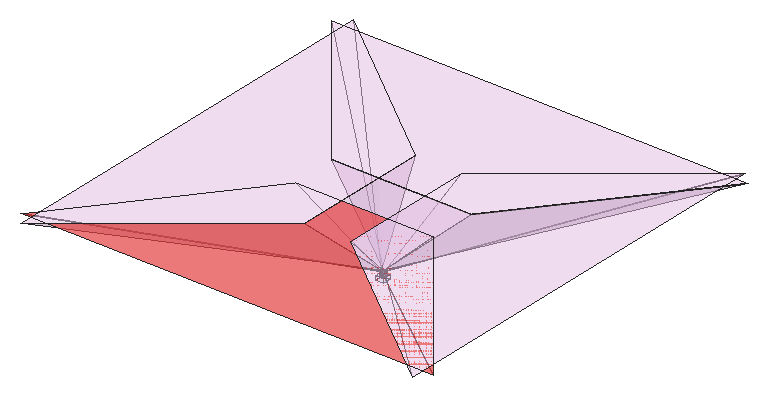
Revit family "Camera-Security-Panasonic-FixedDome-Outdoor-MultiSensor-4xFHD-Vandal_Resistant-Weatherproof-Network-X8570NSeriesX", category Security Devices, host Face, Revit 2016 (continued)
Definition of nested family "Camera Body"
  Definition of nested family "FOV2"
    Parameters (values of type "FOV2")
      z Yaw Actual [instance] = if(Yaw < 0.00°, 360.00° - (abs(Yaw) - rounddown(abs(Yaw) / 360.00°) * 360.00°), Yaw - rounddown(Yaw / 360.00°) * 360.00°)  # 0.00°
      z Void Width [instance] = if(z Screen Width > z Screen Height, z Screen Width, z Screen Height) + abs(Viewpoint Origin Horizontal Offset) + z Void Thickness * 2  # 2064.84273"
      z Void Thickness [instance] = z Screen Depth * 2 + abs(Base Height Offset)  # 805.11811"
      z Void Height Start [instance] = -z Void Width / 2  # -1032.42137"
      z Void Height End [instance] = z Void Width / 2  # 1032.42137"
      z Void Direction [instance] = if((if(On Wall, 1, 0) + if(On Floor, 1, 0) + if(On Ceiling, 1, 0)) = 1, if(On Ceiling, 0, if(On Wall, 1, 2)), On Default Mount Type)  # 0
      z Viewpoint Depth [instance] = if(Viewpoint Depth < 0.03937", 0.03937", Viewpoint Depth)  # 5.90551"
      z Tilt Actual [instance] = if(Tilt < 0.00°, 360.00° - (abs(Tilt) - rounddown(abs(Tilt) / 360.00°) * 360.00°), Tilt - rounddown(Tilt / 360.00°) * 360.00°)  # 45.00°
      z Target Visible [instance] = not(Screen Depth < Target Depth)  # yes
      z Target Thickness Start = -z Target Thickness / 2  # -0.03937"
      z Target Thickness End = z Target Thickness / 2  # 0.03937"
      z Target Depth [instance] = Target Depth + Viewpoint Depth  # 84.64567"
      z Pan Actual [instance] = if(Pan < 0.00°, 360.00° - (abs(Pan) - rounddown(abs(Pan) / 360.00°) * 360.00°), Pan - rounddown(Pan / 360.00°) * 360.00°)  # 0.00°
      z Floor Distance [instance] = if(z Void Direction = 2, if(Floor Distance - Floor Distance Offset < 0.000", 0.000", Floor Distance - Floor Distance Offset), if(Floor Distance - Floor Distance Offset < 0.3937", 0.3937", Floor Distance - Floor Distance Offset))  # 118.11024"
      z Const Yaw Base2 Length = 17.32283"  # constant formula
      z Const Tilt Base2 Length = 19.68504"  # constant formula
      z Ceiling Distance [instance] = if(z Void Direction = 2, if(Ceiling Distance + Ceiling Distance Offset < 0.3937", 0.3937", Ceiling Distance + Ceiling Distance Offset), if(Ceiling Distance + Ceiling Distance Offset < 0.000", 0.000", Ceiling Distance + Ceiling Distance Offset))  # 0.000"
      z Const Void Handle Length = 23.62205"  # constant formula
      z Void Angle [instance] = if(z Void Direction = 0, 0.00° + Base Angle Offset, if(z Void Direction = 1, 90.00° + Base Angle Offset, 180.00° + Base Angle Offset))  # 0.00°
      z Screen Depth [instance] = if(Screen Depth < 3.93701", 3.93701" + Viewpoint Depth, Screen Depth + Viewpoint Depth)  # 399.6063"
      Original Creation Date = "September, 15, 2016"  # constant formula
      On Default Mount Type [instance] = 0
      Manufacturer = "Panasonic"  # constant formula
      Floor Distance Offset [instance] = 0.000"
      Family Version = "1.0.1"  # constant formula
      Default Elevation = 48.000"
      Date Last Modified = "February, 15, 2017"  # constant formula
      Copyright = "Copyright © Panasonic"  # constant formula
      Ceiling Distance Offset [instance] = 0.000"
      Base Height Offset [instance] = 5.90551"
      Base Angle Offset [instance] = 0.00°
      z Viewpoint Width = 0.03937"  # constant formula
      z Viewpoint Height = 0.03937"  # constant formula
      VFOV [instance] = 33.75°
      z Target Width [instance] = Target Depth * tan(HFOV / 2) * 2  # 90.9213"
      z Target Thickness = 0.07874"  # constant formula
      z Target Height [instance] = Target Depth * tan(VFOV / 2) * 2  # 47.77113"
      Target Depth [instance] = 78.74016"
      z Screen Width [instance] = (z Screen Depth - Viewpoint Depth) * tan(HFOV / 2) * 2  # 454.60651"
      z Screen Height [instance] = (z Screen Depth - Viewpoint Depth) * tan(VFOV / 2) * 2  # 238.85566"
      Screen Depth [instance] = 393.70079"
      z Const Yaw Handle Length = 9.25197"  # constant formula
      z Const Yaw Base Length = 10.23622"  # constant formula
      Viewpoint Depth [instance] = 5.90551"
      Viewpoint Origin Horizontal Offset [instance] = 0.000"
      z Const Tilt Handle Length = 14.17323"  # constant formula
      z Const Tilt Base Length = 9.84252"  # constant formula
      z Const Pan Handle Length = 19.68504"  # constant formula
      z Const Pan Axis Length = 15.74803"  # constant formula
      On Wall [instance] = no
      On Floor [instance] = no
      On Ceiling [instance] = yes
      HFOV [instance] = 60.00°
      Yaw [instance] = 0.00°
      Tilt [instance] = 45.00°
      Pan [instance] = 0.00°
      Floor Distance [instance] = 118.11024"
      Ceiling Distance [instance] = 0.000"
    Reference planes (in)
      plane 1 "Center (Front/Back)": y = 0
      plane 2: z = 0
      plane 3 "Center (Left/Right)": x = 0
      plane 4 "VoidOffsetBase": z = -5.90551
    Forms (in)
      Extrusion 1, void
        sketch origin (0, 0, -5.90551) x (0, 0, 1) y (0, -1, 0)
          loop
            line (923.22835, 1032.42137) -> (118.11024, 1032.42137) -> (118.11024, -1032.42137) -> (923.22835, -1032.42137) -> (923.22835, 1032.42137)
          loop
            line (0, 1032.42137) -> (-805.11811, 1032.42137) -> (-805.11811, -1032.42137) -> (0, -1032.42137) -> (0, 1032.42137)
        from -1032.42137 <- "z Void Height Start" to 1032.42137 <- "z Void Height End"
      Blend 2, solid
        base sketch origin (0, -4.17583, 4.17583) x (0, 0.707107, 0.707107) y (-1, 0, 0)
          loop
            line (-0.01969, -0.01969) -> (0.01969, -0.01969) -> (0.01969, 0.01969) -> (-0.01969, 0.01969) -> (-0.01969, -0.01969)
        top sketch origin (0, -282.56432, 282.56432) x (0, 0.707107, 0.707107) y (-1, 0, 0)
          loop
            line (-119.42783, -227.30326) -> (119.42783, -227.30326) -> (119.42783, 227.30326) -> (-119.42783, 227.30326) -> (-119.42783, -227.30326)
        from 0 to 0
      Extrusion 3, solid, not visible
        sketch origin (0, -59.85353, 59.85353) x (0, 0.707107, 0.707107) y (-1, 0, 0)
          loop
            line (-23.88557, -45.46065) -> (23.88557, -45.46065) -> (23.88557, 45.46065) -> (-23.88557, 45.46065) -> (-23.88557, -45.46065)
        from -0.03937 <- "z Target Thickness Start" to 0.03937 <- "z Target Thickness End"
    Cuts and joins
      Extrusion 1 cuts Blend 2
      Extrusion 1 cuts Extrusion 3
    Lines and regions (in)
      reference lines
        curve 1: line (0, 0, 0) -> (19.68504, 0, 0)
        curve 2: line (0, 0, -15.74803) -> (0, 0, 0)
        curve 3: line (0, 0, 0) -> (0, -9.84252, 0)
        curve 4: line (0, 0, 0) -> (0, 0, 19.68504)
        curve 5: line (0, -10.02199, 10.02199) -> (0, 0, 0)
        curve 6: line (0, 0, 0) -> (0, 7.2381, 7.2381)
        curve 7: line (0, 0, 0) -> (-17.32283, 0, 0)
        curve 8: line (0, 0, 0) -> (-9.25197, 0, 0)
        curve 9: line (0, -4.17583, 4.17583) -> (0, 0, 0)
        curve 10: line (0, 0, 0) -> (0, -59.85353, 59.85353)
        curve 11: line (0, 0, 0) -> (0, -282.56432, 282.56432)
        curve 12: line (-0.01969, -4.16191, 4.18975) -> (0.01969, -4.16191, 4.18975)
        curve 13: line (-0.01969, -4.18975, 4.16191) -> (0.01969, -4.18975, 4.16191)
        curve 14: line (-0.01969, -4.16191, 4.18975) -> (-0.01969, -4.18975, 4.16191)
        curve 15: line (0.01969, -4.16191, 4.18975) -> (0.01969, -4.18975, 4.16191)
        curve 16: line (-45.46065, -42.96388, 76.74317) -> (45.46065, -42.96388, 76.74317)
        curve 17: line (-45.46065, -76.74317, 42.96388) -> (45.46065, -76.74317, 42.96388)
        curve 18: line (-45.46065, -42.96388, 76.74317) -> (-45.46065, -76.74317, 42.96388)
        curve 19: line (45.46065, -42.96388, 76.74317) -> (45.46065, -76.74317, 42.96388)
        curve 20: line (-227.30326, -198.1161, 367.01255) -> (-227.30326, -367.01255, 198.1161)
        curve 21: line (227.30326, -198.1161, 367.01255) -> (227.30326, -367.01255, 198.1161)
        curve 22: line (-227.30326, -198.1161, 367.01255) -> (227.30326, -198.1161, 367.01255)
        curve 23: line (-227.30326, -367.01255, 198.1161) -> (227.30326, -367.01255, 198.1161)
        curve 24: line (0, 0, -5.90551) -> (0, 0, 17.71654)
        curve 25: line (0, -1032.42137, 917.32283) -> (0, 1032.42137, 917.32283)
        curve 26: line (0, -1032.42137, 112.20472) -> (0, -1032.42137, 917.32283)
        curve 27: line (0, 1032.42137, 112.20472) -> (0, -1032.42137, 112.20472)
        curve 28: line (0, 1032.42137, 917.32283) -> (0, 1032.42137, 112.20472)
        curve 29: line (0, -1032.42137, -5.90551) -> (0, 1032.42137, -5.90551)
        curve 30: line (0, -1032.42137, -811.02362) -> (0, -1032.42137, -5.90551)
        curve 31: line (0, 1032.42137, -811.02362) -> (0, -1032.42137, -811.02362)
        curve 32: line (0, 1032.42137, -5.90551) -> (0, 1032.42137, -811.02362)
    Dimensions and locks (in)
      "z Const Pan Handle Length": curve 1 to curve 1
      "z Const Pan Axis Length": curve 2 to curve 2
      "z Const Tilt Base Length": curve 3 to curve 3
      "z Const Pan Axis Length": curve 1 to curve 2
      "Viewpoint Origin Horizontal Offset": curve 4 to curve 2
      "z Const Tilt Base2 Length": curve 4 to curve 4
      "z Const Tilt Handle Length": curve 5 to curve 5
      "z Const Yaw Base Length": curve 6 to curve 6
      "z Const Yaw Base2 Length": curve 7 to curve 7
      "z Const Yaw Handle Length": curve 8 to curve 8
      "z Viewpoint Depth": curve 9 to curve 9
      "z Target Depth": curve 10 to curve 10
      "z Screen Depth": curve 11 to curve 11
      equal spacing: curve 13, curve 9, curve 12
      "z Viewpoint Height": curve 13 to curve 12
      equal spacing: curve 14, curve 9, curve 15
      "z Viewpoint Width": curve 14 to curve 15
      equal spacing: curve 17, curve 10, curve 16
      "z Target Height": curve 17 to curve 16
      equal spacing: curve 18, curve 10, curve 19
      "z Target Width": curve 18 to curve 19
      equal spacing: curve 20, curve 11, curve 21
      "z Screen Width": curve 20 to curve 21
      equal spacing: curve 23, curve 11, curve 22
      "z Screen Height": curve 23 to curve 22
      "z Const Void Handle Length": curve 24 to curve 24
      equal spacing: curve 26, curve 24, curve 28
      "z Void Width": curve 26 to curve 28
      "z Floor Distance": curve 27 to curve 24
      "z Ceiling Distance": curve 29 to curve 24
      "z Void Thickness": curve 31 to curve 29
      "z Void Thickness": curve 25 to curve 27
      "Base Height Offset": level to plane 4 "VoidOffsetBase"
      locked: curve 3 to curve 2 (angle 90.00°)
      locked: curve 3 to curve 4 (angle 90.00°)
      "z Tilt Actual": angle curve 4 to curve 5
      locked: curve 6 to curve 7 (angle 90.00°)
      locked: curve 6 to curve 5 (angle 90.00°)
      locked: curve 9 to curve 5 (angle 0.00°)
      locked: curve 10 to curve 5 (angle 0.00°)
      locked: curve 11 to curve 5 (angle 0.00°)
      "z Void Angle": angle plane 1 "Center (Front/Back)" to curve 24
      "z Yaw Actual": angle curve 7 to curve 8
      "z Pan Actual": angle plane 1 "Center (Front/Back)" to curve 1
      aligned and locked: level to plane 2
      aligned and locked: curve 2 to curve 1
      aligned and locked: curve 2 to curve 3
      aligned and locked: curve 3 to curve 2
      aligned and locked: curve 3 to curve 5
      aligned and locked: curve 6 to curve 7
      aligned and locked: curve 6 to curve 8
      aligned and locked: curve 8 to curve 7
      aligned and locked: curve 7 to curve 6
      aligned and locked: curve 5 to curve 11
      aligned and locked: curve 11 to curve 8
      aligned and locked: curve 12 to curve 15
      aligned and locked: curve 15 to curve 15
      aligned and locked: curve 14 to curve 14
      aligned and locked: curve 13 to curve 15
      aligned and locked: curve 16 to curve 19
      aligned and locked: curve 18 to curve 18
      aligned and locked: curve 17 to curve 19
      aligned and locked: curve 22 to curve 22
      aligned and locked: curve 21 to curve 23
      aligned and locked: curve 20 to curve 23
      aligned and locked: curve 23 to curve 23
      aligned and locked: plane 1 "Center (Front/Back)" to curve 24
      aligned and locked: curve 30 to curve 26
      aligned and locked: curve 28 to curve 32
      aligned and locked: Extrusion 1 sketch curve to curve 25
      aligned and locked: Extrusion 1 sketch curve to curve 26
      aligned and locked: Extrusion 1 sketch curve to curve 27
      aligned and locked: Extrusion 1 sketch curve to curve 28
      aligned and locked: Extrusion 1 sketch curve to curve 29
      aligned and locked: Extrusion 1 sketch curve to curve 30
      aligned and locked: Extrusion 1 sketch curve to curve 31
      aligned and locked: Extrusion 1 sketch curve to curve 32
      aligned and locked: Extrusion 1 sketch curve to Extrusion 1 sketch curve  (x8)
      aligned and locked: Blend 2 sketch curve to curve 15
      aligned and locked: Blend 2 sketch curve to curve 13
      aligned and locked: Blend 2 sketch curve to curve 14
      aligned and locked: Blend 2 sketch curve to curve 12
      aligned and locked: Blend 2 sketch curve to Blend 2 sketch curve  (x8)
      aligned and locked: Blend 2 sketch curve to curve 21
      aligned and locked: Blend 2 sketch curve to curve 23
      aligned and locked: Blend 2 sketch curve to curve 20
      aligned and locked: Blend 2 sketch curve to curve 22
      aligned and locked: Extrusion 3 sketch curve to curve 19
      aligned and locked: Extrusion 3 sketch curve to curve 17
      aligned and locked: Extrusion 3 sketch curve to curve 18
      aligned and locked: Extrusion 3 sketch curve to curve 16
      aligned and locked: Extrusion 3 sketch curve to Extrusion 3 sketch curve  (x4)
      aligned and locked: plane 3 "Center (Left/Right)" to curve 1
      aligned and locked: plane 1 "Center (Front/Back)" to curve 1
      aligned and locked: level to curve 2
      aligned and locked: plane 4 "VoidOffsetBase" to curve 24
    Automatic sketch dimensions
      curve 6 to curve 5 = 0.000"
      curve 6 to curve 5 = 10.23622"
  Definition of nested family "FOV3"
    Parameters (values of type "FOV3")
      z Yaw Actual [instance] = if(Yaw < 0.00°, 360.00° - (abs(Yaw) - rounddown(abs(Yaw) / 360.00°) * 360.00°), Yaw - rounddown(Yaw / 360.00°) * 360.00°)  # 0.00°
      z Void Width [instance] = if(z Screen Width > z Screen Height, z Screen Width, z Screen Height) + abs(Viewpoint Origin Horizontal Offset) + z Void Thickness * 2  # 2064.84273"
      z Void Thickness [instance] = z Screen Depth * 2 + abs(Base Height Offset)  # 805.11811"
      z Void Height Start [instance] = -z Void Width / 2  # -1032.42137"
      z Void Height End [instance] = z Void Width / 2  # 1032.42137"
      z Void Direction [instance] = if((if(On Wall, 1, 0) + if(On Floor, 1, 0) + if(On Ceiling, 1, 0)) = 1, if(On Ceiling, 0, if(On Wall, 1, 2)), On Default Mount Type)  # 0
      z Viewpoint Depth [instance] = if(Viewpoint Depth < 0.03937", 0.03937", Viewpoint Depth)  # 5.90551"
      z Tilt Actual [instance] = if(Tilt < 0.00°, 360.00° - (abs(Tilt) - rounddown(abs(Tilt) / 360.00°) * 360.00°), Tilt - rounddown(Tilt / 360.00°) * 360.00°)  # 45.00°
      z Target Visible [instance] = not(Screen Depth < Target Depth)  # yes
      z Target Thickness Start = -z Target Thickness / 2  # -0.03937"
      z Target Thickness End = z Target Thickness / 2  # 0.03937"
      z Target Depth [instance] = Target Depth + Viewpoint Depth  # 84.64567"
      z Pan Actual [instance] = if(Pan < 0.00°, 360.00° - (abs(Pan) - rounddown(abs(Pan) / 360.00°) * 360.00°), Pan - rounddown(Pan / 360.00°) * 360.00°)  # 0.00°
      z Floor Distance [instance] = if(z Void Direction = 2, if(Floor Distance - Floor Distance Offset < 0.000", 0.000", Floor Distance - Floor Distance Offset), if(Floor Distance - Floor Distance Offset < 0.3937", 0.3937", Floor Distance - Floor Distance Offset))  # 118.11024"
      z Const Yaw Base2 Length = 17.32283"  # constant formula
      z Const Tilt Base2 Length = 19.68504"  # constant formula
      z Ceiling Distance [instance] = if(z Void Direction = 2, if(Ceiling Distance + Ceiling Distance Offset < 0.3937", 0.3937", Ceiling Distance + Ceiling Distance Offset), if(Ceiling Distance + Ceiling Distance Offset < 0.000", 0.000", Ceiling Distance + Ceiling Distance Offset))  # 0.000"
      z Const Void Handle Length = 23.62205"  # constant formula
      z Void Angle [instance] = if(z Void Direction = 0, 0.00° + Base Angle Offset, if(z Void Direction = 1, 90.00° + Base Angle Offset, 180.00° + Base Angle Offset))  # 0.00°
      z Screen Depth [instance] = if(Screen Depth < 3.93701", 3.93701" + Viewpoint Depth, Screen Depth + Viewpoint Depth)  # 399.6063"
      Original Creation Date = "September, 15, 2016"  # constant formula
      On Default Mount Type [instance] = 0
      Manufacturer = "Panasonic"  # constant formula
      Floor Distance Offset [instance] = 0.000"
      Family Version = "1.0.1"  # constant formula
      Default Elevation = 48.000"
      Date Last Modified = "February, 15, 2017"  # constant formula
      Copyright = "Copyright © Panasonic"  # constant formula
      Ceiling Distance Offset [instance] = 0.000"
      Base Height Offset [instance] = 5.90551"
      Base Angle Offset [instance] = 0.00°
      z Viewpoint Width = 0.03937"  # constant formula
      z Viewpoint Height = 0.03937"  # constant formula
      VFOV [instance] = 33.75°
      z Target Width [instance] = Target Depth * tan(HFOV / 2) * 2  # 90.9213"
      z Target Thickness = 0.07874"  # constant formula
      z Target Height [instance] = Target Depth * tan(VFOV / 2) * 2  # 47.77113"
      Target Depth [instance] = 78.74016"
      z Screen Width [instance] = (z Screen Depth - Viewpoint Depth) * tan(HFOV / 2) * 2  # 454.60651"
      z Screen Height [instance] = (z Screen Depth - Viewpoint Depth) * tan(VFOV / 2) * 2  # 238.85566"
      Screen Depth [instance] = 393.70079"
      z Const Yaw Handle Length = 9.25197"  # constant formula
      z Const Yaw Base Length = 10.23622"  # constant formula
      Viewpoint Depth [instance] = 5.90551"
      Viewpoint Origin Horizontal Offset [instance] = 0.000"
      z Const Tilt Handle Length = 14.17323"  # constant formula
      z Const Tilt Base Length = 9.84252"  # constant formula
      z Const Pan Handle Length = 19.68504"  # constant formula
      z Const Pan Axis Length = 15.74803"  # constant formula
      On Wall [instance] = no
      On Floor [instance] = no
      On Ceiling [instance] = yes
      HFOV [instance] = 60.00°
      Yaw [instance] = 0.00°
      Tilt [instance] = 45.00°
      Pan [instance] = 0.00°
      Floor Distance [instance] = 118.11024"
      Ceiling Distance [instance] = 0.000"
    Reference planes (in)
      plane 1 "Center (Front/Back)": y = 0
      plane 2: z = 0
      plane 3 "Center (Left/Right)": x = 0
      plane 4 "VoidOffsetBase": z = -5.90551
    Forms (in)
      Extrusion 1, void
        sketch origin (0, 0, -5.90551) x (0, 0, 1) y (0, -1, 0)
          loop
            line (923.22835, 1032.42137) -> (118.11024, 1032.42137) -> (118.11024, -1032.42137) -> (923.22835, -1032.42137) -> (923.22835, 1032.42137)
          loop
            line (0, 1032.42137) -> (-805.11811, 1032.42137) -> (-805.11811, -1032.42137) -> (0, -1032.42137) -> (0, 1032.42137)
        from -1032.42137 <- "z Void Height Start" to 1032.42137 <- "z Void Height End"
      Blend 2, solid
        base sketch origin (0, -4.17583, 4.17583) x (0, 0.707107, 0.707107) y (-1, 0, 0)
          loop
            line (-0.01969, -0.01969) -> (0.01969, -0.01969) -> (0.01969, 0.01969) -> (-0.01969, 0.01969) -> (-0.01969, -0.01969)
        top sketch origin (0, -282.56432, 282.56432) x (0, 0.707107, 0.707107) y (-1, 0, 0)
          loop
            line (-119.42783, -227.30326) -> (119.42783, -227.30326) -> (119.42783, 227.30326) -> (-119.42783, 227.30326) -> (-119.42783, -227.30326)
        from 0 to 0
      Extrusion 3, solid, not visible
        sketch origin (0, -59.85353, 59.85353) x (0, 0.707107, 0.707107) y (-1, 0, 0)
          loop
            line (-23.88557, -45.46065) -> (23.88557, -45.46065) -> (23.88557, 45.46065) -> (-23.88557, 45.46065) -> (-23.88557, -45.46065)
        from -0.03937 <- "z Target Thickness Start" to 0.03937 <- "z Target Thickness End"
    Cuts and joins
      Extrusion 1 cuts Blend 2
      Extrusion 1 cuts Extrusion 3
    Lines and regions (in)
      reference lines
        curve 1: line (0, 0, 0) -> (19.68504, 0, 0)
        curve 2: line (0, 0, -15.74803) -> (0, 0, 0)
        curve 3: line (0, 0, 0) -> (0, -9.84252, 0)
        curve 4: line (0, 0, 0) -> (0, 0, 19.68504)
        curve 5: line (0, -10.02199, 10.02199) -> (0, 0, 0)
        curve 6: line (0, 0, 0) -> (0, 7.2381, 7.2381)
        curve 7: line (0, 0, 0) -> (-17.32283, 0, 0)
        curve 8: line (0, 0, 0) -> (-9.25197, 0, 0)
        curve 9: line (0, -4.17583, 4.17583) -> (0, 0, 0)
        curve 10: line (0, 0, 0) -> (0, -59.85353, 59.85353)
        curve 11: line (0, 0, 0) -> (0, -282.56432, 282.56432)
        curve 12: line (-0.01969, -4.16191, 4.18975) -> (0.01969, -4.16191, 4.18975)
        curve 13: line (-0.01969, -4.18975, 4.16191) -> (0.01969, -4.18975, 4.16191)
        curve 14: line (-0.01969, -4.16191, 4.18975) -> (-0.01969, -4.18975, 4.16191)
        curve 15: line (0.01969, -4.16191, 4.18975) -> (0.01969, -4.18975, 4.16191)
        curve 16: line (-45.46065, -42.96388, 76.74317) -> (45.46065, -42.96388, 76.74317)
        curve 17: line (-45.46065, -76.74317, 42.96388) -> (45.46065, -76.74317, 42.96388)
        curve 18: line (-45.46065, -42.96388, 76.74317) -> (-45.46065, -76.74317, 42.96388)
        curve 19: line (45.46065, -42.96388, 76.74317) -> (45.46065, -76.74317, 42.96388)
        curve 20: line (-227.30326, -198.1161, 367.01255) -> (-227.30326, -367.01255, 198.1161)
        curve 21: line (227.30326, -198.1161, 367.01255) -> (227.30326, -367.01255, 198.1161)
        curve 22: line (-227.30326, -198.1161, 367.01255) -> (227.30326, -198.1161, 367.01255)
        curve 23: line (-227.30326, -367.01255, 198.1161) -> (227.30326, -367.01255, 198.1161)
        curve 24: line (0, 0, -5.90551) -> (0, 0, 17.71654)
        curve 25: line (0, -1032.42137, 917.32283) -> (0, 1032.42137, 917.32283)
        curve 26: line (0, -1032.42137, 112.20472) -> (0, -1032.42137, 917.32283)
        curve 27: line (0, 1032.42137, 112.20472) -> (0, -1032.42137, 112.20472)
        curve 28: line (0, 1032.42137, 917.32283) -> (0, 1032.42137, 112.20472)
        curve 29: line (0, -1032.42137, -5.90551) -> (0, 1032.42137, -5.90551)
        curve 30: line (0, -1032.42137, -811.02362) -> (0, -1032.42137, -5.90551)
        curve 31: line (0, 1032.42137, -811.02362) -> (0, -1032.42137, -811.02362)
        curve 32: line (0, 1032.42137, -5.90551) -> (0, 1032.42137, -811.02362)
    Dimensions and locks (in)
      "z Const Pan Handle Length": curve 1 to curve 1
      "z Const Pan Axis Length": curve 2 to curve 2
      "z Const Tilt Base Length": curve 3 to curve 3
      "z Const Pan Axis Length": curve 1 to curve 2
      "Viewpoint Origin Horizontal Offset": curve 4 to curve 2
      "z Const Tilt Base2 Length": curve 4 to curve 4
      "z Const Tilt Handle Length": curve 5 to curve 5
      "z Const Yaw Base Length": curve 6 to curve 6
      "z Const Yaw Base2 Length": curve 7 to curve 7
      "z Const Yaw Handle Length": curve 8 to curve 8
      "z Viewpoint Depth": curve 9 to curve 9
      "z Target Depth": curve 10 to curve 10
      "z Screen Depth": curve 11 to curve 11
      equal spacing: curve 13, curve 9, curve 12
      "z Viewpoint Height": curve 13 to curve 12
      equal spacing: curve 14, curve 9, curve 15
      "z Viewpoint Width": curve 14 to curve 15
      equal spacing: curve 17, curve 10, curve 16
      "z Target Height": curve 17 to curve 16
      equal spacing: curve 18, curve 10, curve 19
      "z Target Width": curve 18 to curve 19
      equal spacing: curve 20, curve 11, curve 21
      "z Screen Width": curve 20 to curve 21
      equal spacing: curve 23, curve 11, curve 22
      "z Screen Height": curve 23 to curve 22
      "z Const Void Handle Length": curve 24 to curve 24
      equal spacing: curve 26, curve 24, curve 28
      "z Void Width": curve 26 to curve 28
      "z Floor Distance": curve 27 to curve 24
      "z Ceiling Distance": curve 29 to curve 24
      "z Void Thickness": curve 31 to curve 29
      "z Void Thickness": curve 25 to curve 27
      "Base Height Offset": level to plane 4 "VoidOffsetBase"
      locked: curve 3 to curve 2 (angle 90.00°)
      locked: curve 3 to curve 4 (angle 90.00°)
      "z Tilt Actual": angle curve 4 to curve 5
      locked: curve 6 to curve 7 (angle 90.00°)
      locked: curve 6 to curve 5 (angle 90.00°)
      locked: curve 9 to curve 5 (angle 0.00°)
      locked: curve 10 to curve 5 (angle 0.00°)
      locked: curve 11 to curve 5 (angle 0.00°)
      "z Void Angle": angle plane 1 "Center (Front/Back)" to curve 24
      "z Yaw Actual": angle curve 7 to curve 8
      "z Pan Actual": angle plane 1 "Center (Front/Back)" to curve 1
      aligned and locked: level to plane 2
      aligned and locked: curve 2 to curve 1
      aligned and locked: curve 2 to curve 3
      aligned and locked: curve 3 to curve 2
      aligned and locked: curve 3 to curve 5
      aligned and locked: curve 6 to curve 7
      aligned and locked: curve 6 to curve 8
      aligned and locked: curve 8 to curve 7
      aligned and locked: curve 7 to curve 6
      aligned and locked: curve 5 to curve 11
      aligned and locked: curve 11 to curve 8
      aligned and locked: curve 12 to curve 15
      aligned and locked: curve 15 to curve 15
      aligned and locked: curve 14 to curve 14
      aligned and locked: curve 13 to curve 15
      aligned and locked: curve 16 to curve 19
      aligned and locked: curve 18 to curve 18
      aligned and locked: curve 17 to curve 19
      aligned and locked: curve 22 to curve 22
      aligned and locked: curve 21 to curve 23
      aligned and locked: curve 20 to curve 23
      aligned and locked: curve 23 to curve 23
      aligned and locked: plane 1 "Center (Front/Back)" to curve 24
      aligned and locked: curve 30 to curve 26
      aligned and locked: curve 28 to curve 32
      aligned and locked: Extrusion 1 sketch curve to curve 25
      aligned and locked: Extrusion 1 sketch curve to curve 26
      aligned and locked: Extrusion 1 sketch curve to curve 27
      aligned and locked: Extrusion 1 sketch curve to curve 28
      aligned and locked: Extrusion 1 sketch curve to curve 29
      aligned and locked: Extrusion 1 sketch curve to curve 30
      aligned and locked: Extrusion 1 sketch curve to curve 31
      aligned and locked: Extrusion 1 sketch curve to curve 32
      aligned and locked: Extrusion 1 sketch curve to Extrusion 1 sketch curve  (x8)
      aligned and locked: Blend 2 sketch curve to curve 15
      aligned and locked: Blend 2 sketch curve to curve 13
      aligned and locked: Blend 2 sketch curve to curve 14
      aligned and locked: Blend 2 sketch curve to curve 12
      aligned and locked: Blend 2 sketch curve to Blend 2 sketch curve  (x8)
      aligned and locked: Blend 2 sketch curve to curve 21
      aligned and locked: Blend 2 sketch curve to curve 23
      aligned and locked: Blend 2 sketch curve to curve 20
      aligned and locked: Blend 2 sketch curve to curve 22
      aligned and locked: Extrusion 3 sketch curve to curve 19
      aligned and locked: Extrusion 3 sketch curve to curve 17
      aligned and locked: Extrusion 3 sketch curve to curve 18
      aligned and locked: Extrusion 3 sketch curve to curve 16
      aligned and locked: Extrusion 3 sketch curve to Extrusion 3 sketch curve  (x4)
      aligned and locked: plane 3 "Center (Left/Right)" to curve 1
      aligned and locked: plane 1 "Center (Front/Back)" to curve 1
      aligned and locked: level to curve 2
      aligned and locked: plane 4 "VoidOffsetBase" to curve 24
    Automatic sketch dimensions
      curve 6 to curve 5 = 0.000"
      curve 6 to curve 5 = 10.23622"
Definition of nested family "CameraSymbol_Dome"
  Parameters
    z Pan [instance] = if(On Wall, asin(sin(Tilt) * sin(Pan)), if(Tilt < 0.00°, Pan, Pan + 180.00°))  # 180.00°
    Tilt [instance] = 0.00°
    Pan [instance] = 0.00°
    On Wall [instance] = no
  Reference planes (in)
    plane 1: y = 0
    plane 2: x = 0
  Lines and regions (in)
    Masking region 1
      outline origin (0, 0, 0) x (1, 0, 0) y (0, 1, 0)
        loop
          circle (0, 0) r 0.13636
    Filled region 1, type "Solid Black"
      outline origin (0, 0, 0) x (1, 0, 0) y (0, 1, 0)
        loop
          circle (0, 0) r 0.10827
    Filled region 2, type "Filled region 1"
      outline origin (0, 0, 0) x (1, 0, 0) y (0, 1, 0)
        loop
          circle (0, 0) r 0.08061
    detail lines
      curve 1: line (0, 0, 0) -> (0, -0.13636, 0)
  Dimensions and locks (in)
    "z Pan": angle plane 2 to curve 1
    aligned and locked: plane 1 to curve 1
    aligned and locked: plane 2 to curve 1
  Automatic sketch dimensions
    plane 1 to Masking region 1 sketch curve = 0.000"
    Masking region 1 sketch curve to plane 2 = 0.000"
    plane 1 to Filled region 1 sketch curve = 0.000"
    Filled region 1 sketch curve to plane 2 = 0.000"
    plane 1 to Filled region 2 sketch curve = 0.000"
    Filled region 2 sketch curve to plane 2 = 0.000"
    radius of Masking region 1 sketch curve = 0.13636"
    radius of Filled region 1 sketch curve = 0.10827"
    radius of Filled region 2 sketch curve = 0.08061"
Definition of nested family "Base Cover"
  Parameters (values of type "Base Cover")
    Product Material [instance] = none
    Default Elevation = 48.000"
    Base Visible [instance] = yes
    Base Cover Top Diameter [instance] = 3.04528"
    Base Cover Height [instance] = 1.5748"
    Base Cover Bottom Diameter [instance] = 3.22835"
  Reference planes (in)
    plane 1 "Center (Front/Back)": y = 0
    plane 2: z = 0
    plane 3 "Center (Left/Right)": x = 0
    plane 4: z = 1.5748
    plane 5: y = 3.22835
    plane 6: y = 3.04528
  Forms (in)
    Extrusion 1, solid
      sketch origin (0, 0, 0) x (1, 0, 0) y (0, 1, 0)
        loop
          line (-48, 48) -> (-48, -48) -> (48, -48) -> (48, 48) -> (-48, 48)
      from 0 to -12
    Revolve 2, solid, visible <- "Base Visible"
      sketch origin (0, 0, 0) x (0, 1, 0) y (0, 0, 1)
        loop
          line (0, 1.5748) -> (0, 0) -> (3.22835, 0) -> (3.04528, 1.5748) -> (0, 1.5748)
        axis (0, 0) -> (0, 1.5748)
      angle from 0 to 360
  Dimensions and locks (in)
    "Base Cover Height": plane 4 to level
    "Base Cover Bottom Diameter": plane 1 "Center (Front/Back)" to plane 5
    "Base Cover Top Diameter": plane 1 "Center (Front/Back)" to plane 6
    aligned and locked: plane 2 to Extrusion 1
    aligned and locked: level to Extrusion 1
    aligned and locked: Revolve 2 sketch curve to plane 1 "Center (Front/Back)"
    aligned and locked: Revolve 2 sketch curve to plane 4
    aligned and locked: plane 5 to Revolve 2 sketch curve
    aligned and locked: plane 6 to Revolve 2 sketch curve
  Automatic sketch dimensions
    Extrusion 1 sketch curve to Extrusion 1 sketch curve = 96.000"  (x2)
    Revolve 2 sketch curve to plane 1 "Center (Front/Back)" = 0.000"
    Revolve 2 sketch curve to level = 0.000"
    Revolve 2 sketch curve to level = 24.000"
    Revolve 2 sketch curve to Revolve 2 sketch curve = 90.70105"
Types (2): name | Dome Cover Ring Material | Camera Type | C4 Vertical FOV Min | C4 Vertical FOV Max | C4 Vertical FOV Actual | C4 Horizontal FOV Min | C4 Horizontal FOV Max | C4 Horizontal FOV Actual | C4 HFOV Ratio | C123 HFOV Ratio | Weight | C123 Vertical FOV Min | C123 Vertical FOV Max | C123 Vertical FOV Actual | 43 VFOV Min | 169 VFOV Min | 43 VFOV Max | 169 VFOV Max | Product Page URL | Product Documentation Link | Power Active | Part Number | Part Description | Model | Minimum Illumination | C123 Horizontal FOV Min | C123 Horizontal FOV Max | C123 Horizontal FOV Actual | 43 HFOV Min | 169 HFOV Min | 43 HFOV Max | 169 HFOV Max | Distance to Ceiling | Description | Audio Out | Audio In | Angle Of View | Alarm Input Or Output
  WV-S8530N | none | 8530 | 30.00° | 54.00° | 33.6522° | 53.00° | 99.00° | 60.00° | 0.15217 | 0.15217 | 5.95 lbf | 30.00° | 54.00° | 33.6522° | 33.00° | 30.00° | 60.00° | 54.00° | "https://security.panasonic.com/products/wv-s8530n/" | "https://bizpartner.panasonic.net/public/file/wv-s8530n-spec-sheet-a4" | 10.1 W | "WV-S8530N" | "Security Camera, Dome, Vandal Resistant, Waterproof Network, 4 x Full HD Multi-Sensor, WV-S8530N" | "WV-S8530N" | 0.09 lx | 53.00° | 99.00° | 60.00° | 44.00° | 53.00° | 81.00° | 99.00° | 0.000" | "Security Camera, Dome, Vandal Resistant, Waterproof Network, 4 x Full HD Multi-Sensor, WV-S8530N" | "N/A" | "N/A" | "99" | "N/A"
  WV-X8570N | Plastic, Opaque Black | 8570 | 53.00° | 53.00° | 53.00° | 97.00° | 97.00° | 97.00° | 1 | 1 | 6.17 lbf | 53.00° | 53.00° | 53.00° | 53.00° | 53.00° | 53.00° | 53.00° | "https://security.panasonic.com/products/wv-X8570n/" | "https://bizpartner.panasonic.net/public/file/wv-x8570n-spec-sheet-a4" | 12.95 W | "WV-X8570N" | "Security Camera, Dome, Vandal Resistant, Waterproof Network, 4 x 4K Ultra HD Multi-Sensor, WV-X8570N" | "WV-X8570N" | 0.12 lx | 97.00° | 97.00° | 97.00° | 97.00° | 97.00° | 97.00° | 97.00° | 39.37008" | "Security Camera, Dome, Vandal Resistant, Waterproof Network, 4 x 4K Ultra HD Multi-Sensor, WV-X8570N" | "Yes" | "Yes" | "97" | "ALARM IN 1(Alarm input 1/ Black & white input/ Auto time adjustment input) (x1), ALARM IN 2 (Alarm input 2/ ALARM OUT) (x1), ALARM IN 3 (Alarm input 3/ ALARM OUT/ AUX OUT) (x1)"
